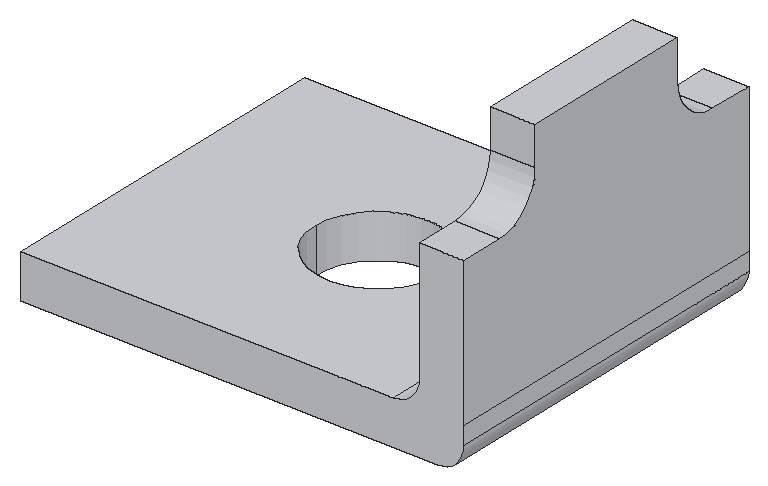
Revit family "MP38", category Generic Models, Revit 2017
Family settings
  Can host rebar = No
  Round Connector Dimension = Use Diameter
  Part Type = Normal
  Work Plane-Based = Yes
  Always vertical = No
  Cut with Voids When Loaded = No
  Shared = No
  Room Calculation Point = No
Parameters (values of type "NBS Standard Parameters")
  Weight = "0.12Kg"
  WarrantyStartDate [instance] = "1900-12-31T23:59:59"
  WarrantyGuarantorParts = "n/a"
  WarrantyGuarantorLabor = "n/a"
  WarrantyDurationUnit = "1 Year"
  WarrantyDurationParts = "n/a"
  WarrantyDurationLabor = "n/a"
  WarrantyDescription = "n/a"
  Version = "1"
  Uniclass2 = "Pr_65_70_11_19"
  TagNumber [instance] = "n/a"
  SustainabilityPerformance = "n/a"
  Size = "n/a"
  Shape = "n/a"
  SerialNumber [instance] = "n/a"
  Revision = "n/a"
  ReplacementCost = "n/a"
  ProductInformation = "www.metpro.co.uk/pdf/mp38.pdf"
  NominalWidth = 40 mm
  NominalLength = 50 mm
  NominalHeight = 32 mm
  Name = ""
  NBSTypeID = ""
  NBSReference = "90-55-10/305"
  NBSOfficeMasterTag = ""
  NBSNote = ""
  NBSDescription = "Channel Cable Supports"
  NBSCertification = ""
  ModelReference = "MP38"
  ModelNumber = "n/a"
  Material = "Steel"
  ManufacturerURL = "www.metpro.co.uk"
  ManufacturerName = "Metpro Ltd"
  Keynote = "Compliant to LU Standard 1-085"
  InstallationDate [instance] = "1900-12-31T23:59:59"
  IfcExportType = ""
  IfcExportAs = ""
  Grade = "n/a"
  Finish = "Hot Dipped Galvanised"
  Features = "n/a"
  ExpectedLife = "n/a"
  DurationUnit = "year"
  Description = "MP39  Toe Beam Clamp"
  Default Elevation = 1219.2 mm
  Constituents = "n/a"
  Color = "n/a"
  CodePerformance = "n/a"
  Category = "n/a"
  BarCode [instance] = "n/a"
  BIMObjectName = "Metpro_metprolibrary_channelcablesupports_channelbrackets"
  Author = "Metpro Ltd"
  AssetType = ""
  AssetIdentifier [instance] = "n/a"
  AccessibilityPerformance = "n/a"
Reference planes
  plane 1 "Center (Front/Back)": y = 0
  plane 2: z = 0
  plane 3 "Center (Left/Right)": x = 0
Forms (mm)
  Extrusion 1, solid
    sketch origin (19, 0, -25) x (-1, 0, 0) y (0, 0, -1)
      loop
        line (54, -20) -> (7, -20)
        arc (7, -20) -> (4.879, -20.879) -> (4, -23) r 3
        line (4, -23) -> (4, -25) -> (4, -50.992) -> (9, -50.992) -> (9, -28)
        arc (9, -28) -> (9.879, -25.879) -> (12, -25) r 3
        line (12, -25) -> (54, -25) -> (54, -20)
    from 0 to 40
  Extrusion 2, void
    sketch origin (15, 0, 0.594) x (0, 0, 1) y (0, 1, 0)
      loop
        line (25.398, -10) -> (25.398, 0) -> (16.075, 0) -> (16.075, -5)
        arc (16.075, -5) -> (17.539, -8.536) -> (21.075, -10) r 5
        line (21.075, -10) -> (25.398, -10)
      loop
        line (25.398, -40) -> (25.398, -30) -> (21.075, -30)
        arc (21.075, -30) -> (17.539, -31.464) -> (16.075, -35) r 5
        line (16.075, -35) -> (16.075, -40) -> (25.398, -40)
    from 0 to 5.976
  Extrusion 3, void
    sketch origin (-17.632, 0, -5) x (1, 0, 0) y (0, 1, 0)
      loop
        circle (7.003, -20.171) r 7
    from 0 to 5
Cuts and joins
  Extrusion 2, Extrusion 3 cuts Extrusion 1
Dimensions and locks
  aligned and locked: level to plane 2
